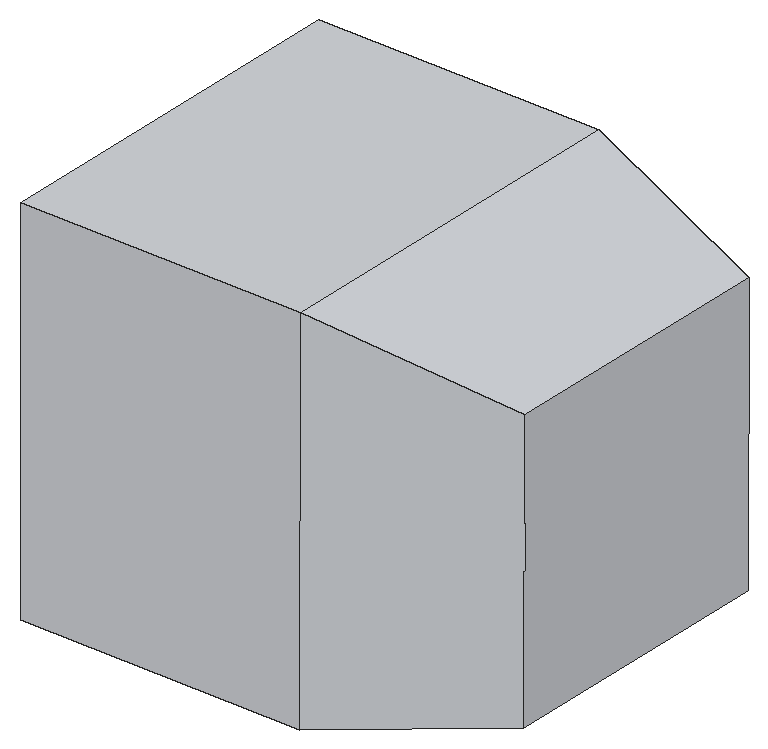
Revit family "d17453dd65ac453d8aa28d6bb0018df3", category Duct Fittings, Revit 2021
Family settings
  Round Connector Dimension = Use Diameter
  Part Type = Tap - Adjustable
  OmniClass Number = 23.75.70.14
  OmniClass Title = Air Ductwork
  Seek Item ID = Rectangular Tap - Pyramidal-0000-USA-ENU
  Work Plane-Based = No
  Always vertical = Yes
  Cut with Voids When Loaded = No
  Shared = No
Parameters (values of type "Standard")
  built-in parameter 1114214 [instance] = 0' - 6"
  built-in parameter 1114213 [instance] = 0' - 4"
  built-in parameter 1114215 [instance] = if(Duct Width 2 > 1' 4", Duct Width 2 * Length Multiplier, 0' 4")  # 0.33333 (stored number, unit not read)
  Length Multiplier [instance] = 0.25
  Duct Width 2 [instance] = 6"
  Duct Width 1 [instance] = Duct Width 2 + Adjustment Width  # 8"
  Duct Height 2 [instance] = 6"
  Duct Height 1 [instance] = Duct Height 2 + Adjustment Height  # 8"
  Default Elevation = 0' - 0"
  Adjustment Width [instance] = 2"
  Adjustment Height [instance] = 2"
Reference planes (in)
  plane 1 "Center (Front/Back)": y = 0
  plane 2: z = 0
  plane 3 "Center (Left/Right)": x = 0
  plane 4: y = 3
  plane 5: y = -3
  plane 6: z = 3
  plane 7: z = -3
  plane 8: y = 4
  plane 9: y = -4
  plane 10: z = -4
  plane 11: z = 4
  plane 12: x = -6
  plane 13: x = 4
Forms (in)
  Extrusion 1, solid, detail levels medium+fine
    sketch origin (0, 0, 0) x (0, 1, 0) y (0, 0, 1)
      loop
        line (4, 4) -> (-4, 4) -> (-4, -4) -> (4, -4) -> (4, 4)
    from 0 to -6
  Blend 2, solid, detail levels medium+fine
    base sketch origin (0, 0, 0) x (0, 1, 0) y (0, 0, 1)
      loop
        line (4, 4) -> (-4, 4) -> (-4, -4) -> (4, -4) -> (4, 4)
    top sketch origin (0, 0, 0) x (0, 1, 0) y (0, 0, 1)
      loop
        line (3, 3) -> (-3, 3) -> (-3, -3) -> (3, -3) -> (3, 3)
    from 0 to 4
  Extrusion 3, solid, detail levels medium+fine
    sketch origin (0, 0, 0) x (0, 1, 0) y (0, 0, 1)
      loop
        circle (0, 0) r 0.5
    from 0 to 4
Cuts and joins
  joined: Extrusion 1, Blend 2, Extrusion 3
Lines and regions (in)
  model lines, detail levels coarse
    curve 1: line (0, 0, 0) -> (4, 0, 0)
Dimensions and locks (in)
  equal spacing: plane 6, plane 2, plane 7
  "Duct Height 2": plane 6 to plane 7
  equal spacing: plane 4, plane 1 "Center (Front/Back)", plane 5
  "Duct Width 2": plane 4 to plane 5
  equal spacing: plane 8, plane 1 "Center (Front/Back)", plane 9
  "Duct Width 1": plane 8 to plane 9
  equal spacing: plane 11, plane 2, plane 10
  "Duct Height 1": plane 11 to plane 10
  "built-in parameter 1114214": plane 12 to plane 3 "Center (Left/Right)"
  "built-in parameter 1114213": plane 3 "Center (Left/Right)" to plane 13
  aligned and locked: Extrusion 1 sketch curve to plane 11
  aligned and locked: Extrusion 1 sketch curve to plane 9
  aligned and locked: plane 10 to Extrusion 1 sketch curve
  aligned and locked: plane 8 to Extrusion 1 sketch curve
  aligned and locked: Extrusion 1 to plane 3 "Center (Left/Right)"
  aligned and locked: Extrusion 1 to plane 12
  aligned and locked: Blend 2 sketch curve to plane 11
  aligned and locked: plane 8 to Blend 2 sketch curve
  aligned and locked: plane 10 to Blend 2 sketch curve
  aligned and locked: Blend 2 sketch curve to plane 9
  aligned and locked: Blend 2 sketch curve to plane 6
  aligned and locked: plane 4 to Blend 2 sketch curve
  aligned and locked: plane 7 to Blend 2 sketch curve
  aligned and locked: Blend 2 sketch curve to plane 5
  aligned and locked: Blend 2 to plane 3 "Center (Left/Right)"
  aligned and locked: plane 13 to Blend 2
  aligned and locked: level to Extrusion 3 sketch curve
  aligned and locked: plane 1 "Center (Front/Back)" to Extrusion 3 sketch curve
  aligned and locked: plane 13 to Extrusion 3
  aligned and locked: Extrusion 3 to plane 3 "Center (Left/Right)"
  aligned and locked: plane 1 "Center (Front/Back)" to curve 1
  aligned and locked: plane 13 to curve 1
  aligned and locked: plane 3 "Center (Left/Right)" to curve 1
Automatic sketch dimensions
  radius of Extrusion 3 sketch curve = 0' - 0 1/2"
Connectors (in)
  hvac at (0, 0, 0), driven by "Duct Height 2", driven by "Duct Width 2"
    settings: on Extrusion 3, index 1, duct flow 0 CFM, flow factor 0, pres drop 0.00 in-wg, loss coef 0, conn angle 0.00°, conn width 6", conn height 6", conn diameter 24", duct sys type 28, conn prof type 1, flow config 0, flow direction 0, loss method 0, conn ref index 2, conn util no, is conn primary yes, conn desc ""
  hvac at (4, 0, 0), driven by "Duct Height 2", driven by "Duct Width 2"
    settings: on Extrusion 3, index 2, duct flow 0 CFM, flow factor 0, pres drop 0.00 in-wg, loss coef 0, conn angle 0.00°, conn width 6", conn height 6", conn diameter 24", duct sys type 28, conn prof type 1, flow config 0, flow direction 0, loss method 0, conn ref index 1, conn util no, is conn primary no, conn desc ""
